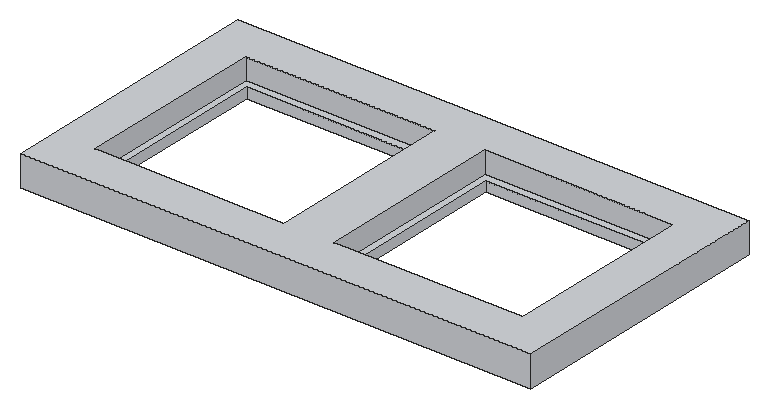
Revit family "Gira_021229", category Electrical Fixtures, host Face, Revit 2017
Family settings
  Host = Face
  Maintain Annotation Orientation = No
  Round Connector Dimension = Use Diameter
  Part Type = Normal
  Cut with Voids When Loaded = No
  Shared = No
  Room Calculation Point = No
Parameters (values of type "Abdeckrahmen 2f Gira E2 Reinweiß")
  Werkstoffgüte = "Thermoplast"
  Werkstoff = "Kunststoff"
  URL = "http://katalog.gira.de/de_DE/datenblatt.html?artikelnr=021229"
  Transparent = "No"
  Textfeld/Beschriftungsfläche = "No"
  Schutzart (IP) = "IP20"
  Region = "DE"
  RAL-Nummer (ähnlich) = "9010 "
  Oberfläche = "sonstige"
  Name = "Abdeckrahmen 2f Gira E2 Reinweiß"
  Montagerichtung = "horizontal und vertikal"
  Mit Montagerahmen = "No"
  Mit Klappdeckel = "No"
  Manufacturer URL = "https://www.gira.de/"
  Keynote = "E2_Rahmen_2fach"
  HeinzeBIM = "https://bimportal.heinze.de/bim/abdeckrahmen-2f-gira-e2-reinweiss/736054c01ae7b414b81fcb318f4ddf057d4e1643"
  Halogenfrei = "Yes"
  HAN = "021229"
  Geeignet für Unterputz-Installation = "Yes"
  Geeignet für Unterflurkanaldose = "No"
  Geeignet für Geräteeinbaukanal = "No"
  Geeignet für Einbauinstallation = "No"
  GTIN = "4010337212294"
  Farbe = "weiß"
  Default Elevation = 1219.2 mm
  Data sheet (1) = "https://katalog.gira.de/de_DE/download.html?artikelnr=021229"
  Category = "Abdeckrahmen"
  Befestigungsart = "Klemmbefestigung"
  Available = "Yes"
  Ausführung der Oberfläche = "glänzend"
  Anzahl der Einheiten vertikal = "2 "
  Anzahl der Einheiten horizontal = "2 "
  Anzahl der Einheiten = "2 "
Reference planes
  plane 1 "Center (Front/Back)": y = 0
  plane 2: z = 0
  plane 3 "Center (Left/Right)": x = 0
Forms (mm)
  Extrusion 1, solid, detail levels fine
    sketch origin (0, 0, 0) x (1, 0, 0) y (0, 1, 0)
      loop
        line (75.95, 40.4) -> (-75.95, 40.4) -> (-75.95, -40.4) -> (75.95, -40.4) -> (75.95, 40.4)
      loop
        line (-63.702, 28.152) -> (-63.702, -28.152) -> (-7.398, -28.152) -> (-7.398, 28.152) -> (-63.702, 28.152)
      loop
        line (7.398, 28.152) -> (7.398, -28.152) -> (63.702, -28.152) -> (63.702, 28.152) -> (7.398, 28.152)
    from 0 to 9.3
  Extrusion 2, solid, detail levels fine
    sketch origin (-35.55, 0, 0) x (1, 0, 0) y (0, 1, 0)
      loop
        line (-28.152, -28.152) -> (28.152, -28.152) -> (28.152, 28.152) -> (-28.152, 28.152) -> (-28.152, -28.152)
      loop
        line (25.9, -25.7) -> (25.9, 25.7) -> (-25.9, 25.7) -> (-25.9, -25.7) -> (25.9, -25.7)
    from 0 to 3
  Extrusion 3, solid, detail levels coarse+medium
    sketch origin (0, 0, 0) x (1, 0, 0) y (0, 1, 0)
      loop
        line (75.95, 40.4) -> (-75.95, 40.4) -> (-75.95, -40.4) -> (75.95, -40.4) -> (75.95, 40.4)
    from 0 to 9.3
  Extrusion 4, solid, detail levels fine
    sketch origin (35.55, -0.047, 0) x (1, 0, 0) y (0, 1, 0)
      loop
        line (-28.152, -28.106) -> (28.152, -28.106) -> (28.152, 28.199) -> (-28.152, 28.199) -> (-28.152, -28.106)
      loop
        line (25.9, -25.653) -> (25.9, 25.747) -> (-25.9, 25.747) -> (-25.9, -25.653) -> (25.9, -25.653)
    from 0 to 3
Dimensions and locks
  aligned and locked: plane 2 to host face
  aligned and locked: level to host face
